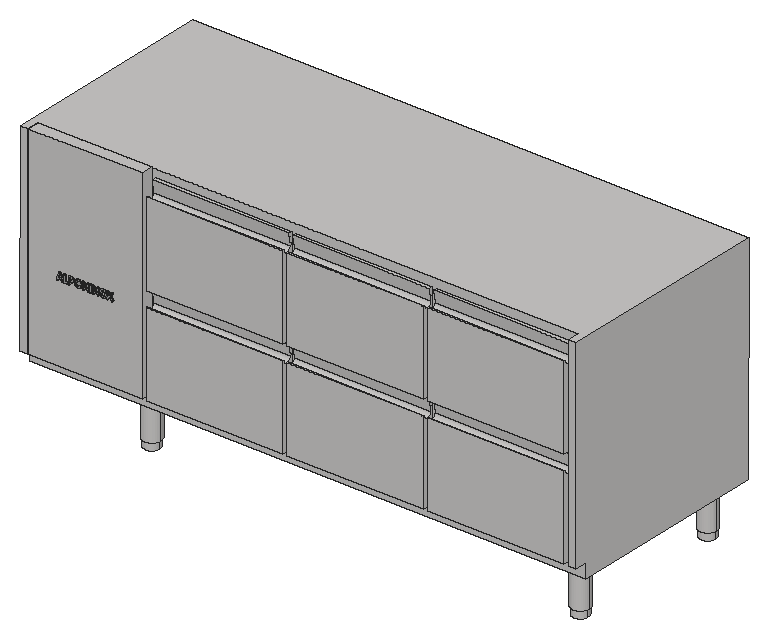
Revit family "QF_ALPENINOX_712051_AH3H7BBB", category Specialty Equipment, Revit 2018 (continued)
Definition of nested family "ALP_Cooling Unit"
  Lines and regions (mm)
    Split face 133
      outline origin (110.032, 2, -125.094) x (0, 0, 1) y (-1, 0, 0)
        loop
          arc (510.649, 158.547) -> (506.648, 162.548) -> (502.647, 158.547) r 4.001
          line (502.647, 158.547) -> (502.647, 116.535)
          arc (502.647, 116.535) -> (506.648, 112.533) -> (510.649, 116.535) r 4.001
          line (510.649, 116.535) -> (510.649, 158.547)
    Split face 134
      outline origin (110.032, 2, -137.098) x (0, 0, 1) y (-1, 0, 0)
        loop
          arc (510.649, 158.547) -> (506.648, 162.548) -> (502.647, 158.547) r 4.001
          line (502.647, 158.547) -> (502.647, 116.535)
          arc (502.647, 116.535) -> (506.648, 112.533) -> (510.649, 116.535) r 4.001
          line (510.649, 116.535) -> (510.649, 158.547)
    Split face 135
      outline origin (110.032, 2, -149.101) x (0, 0, 1) y (-1, 0, 0)
        loop
          arc (510.649, 158.547) -> (506.648, 162.548) -> (502.647, 158.547) r 4.001
          line (502.647, 158.547) -> (502.647, 116.535)
          arc (502.647, 116.535) -> (506.648, 112.533) -> (510.649, 116.535) r 4.001
          line (510.649, 116.535) -> (510.649, 158.547)
    Split face 136
      outline origin (110.032, 2, -161.105) x (0, 0, 1) y (-1, 0, 0)
        loop
          arc (510.649, 158.547) -> (506.648, 162.548) -> (502.647, 158.547) r 4.001
          line (502.647, 158.547) -> (502.647, 116.535)
          arc (502.647, 116.535) -> (506.648, 112.533) -> (510.649, 116.535) r 4.001
          line (510.649, 116.535) -> (510.649, 158.547)
    Split face 137
      outline origin (110.032, 2, -173.108) x (0, 0, 1) y (-1, 0, 0)
        loop
          arc (510.649, 158.547) -> (506.648, 162.548) -> (502.647, 158.547) r 4.001
          line (502.647, 158.547) -> (502.647, 116.535)
          arc (502.647, 116.535) -> (506.648, 112.533) -> (510.649, 116.535) r 4.001
          line (510.649, 116.535) -> (510.649, 158.547)
    Split face 138
      outline origin (110.032, 2, -185.112) x (0, 0, 1) y (-1, 0, 0)
        loop
          arc (510.649, 158.547) -> (506.648, 162.548) -> (502.647, 158.547) r 4.001
          line (502.647, 158.547) -> (502.647, 116.535)
          arc (502.647, 116.535) -> (506.648, 112.533) -> (510.649, 116.535) r 4.001
          line (510.649, 116.535) -> (510.649, 158.547)
    Split face 139
      outline origin (110.032, 2, -197.115) x (0, 0, 1) y (-1, 0, 0)
        loop
          arc (510.649, 158.547) -> (506.648, 162.548) -> (502.647, 158.547) r 4.001
          line (502.647, 158.547) -> (502.647, 116.535)
          arc (502.647, 116.535) -> (506.648, 112.533) -> (510.649, 116.535) r 4.001
          line (510.649, 116.535) -> (510.649, 158.547)
    Split face 140
      outline origin (110.032, 2, -209.119) x (0, 0, 1) y (-1, 0, 0)
        loop
          arc (510.649, 158.547) -> (506.648, 162.548) -> (502.647, 158.547) r 4.001
          line (502.647, 158.547) -> (502.647, 116.535)
          arc (502.647, 116.535) -> (506.648, 112.533) -> (510.649, 116.535) r 4.001
          line (510.649, 116.535) -> (510.649, 158.547)
    Split face 141
      outline origin (110.032, 2, -221.122) x (0, 0, 1) y (-1, 0, 0)
        loop
          arc (510.649, 158.547) -> (506.648, 162.548) -> (502.647, 158.547) r 4.001
          line (502.647, 158.547) -> (502.647, 116.535)
          arc (502.647, 116.535) -> (506.648, 112.533) -> (510.649, 116.535) r 4.001
          line (510.649, 116.535) -> (510.649, 158.547)
    Split face 142
      outline origin (110.032, 2, -233.126) x (0, 0, 1) y (-1, 0, 0)
        loop
          arc (510.649, 158.547) -> (506.648, 162.548) -> (502.647, 158.547) r 4.001
          line (502.647, 158.547) -> (502.647, 116.535)
          arc (502.647, 116.535) -> (506.648, 112.533) -> (510.649, 116.535) r 4.001
          line (510.649, 116.535) -> (510.649, 158.547)
    Split face 143
      outline origin (110.032, 2, -245.129) x (0, 0, 1) y (-1, 0, 0)
        loop
          arc (510.649, 158.547) -> (506.648, 162.548) -> (502.647, 158.547) r 4.001
          line (502.647, 158.547) -> (502.647, 116.535)
          arc (502.647, 116.535) -> (506.648, 112.533) -> (510.649, 116.535) r 4.001
          line (510.649, 116.535) -> (510.649, 158.547)
    Split face 144
      outline origin (110.032, 2, -257.133) x (0, 0, 1) y (-1, 0, 0)
        loop
          arc (510.649, 158.547) -> (506.648, 162.548) -> (502.647, 158.547) r 4.001
          line (502.647, 158.547) -> (502.647, 116.535)
          arc (502.647, 116.535) -> (506.648, 112.533) -> (510.649, 116.535) r 4.001
          line (510.649, 116.535) -> (510.649, 158.547)
    Split face 145
      outline origin (110.032, 2, -269.136) x (0, 0, 1) y (-1, 0, 0)
        loop
          arc (510.649, 158.547) -> (506.648, 162.548) -> (502.647, 158.547) r 4.001
          line (502.647, 158.547) -> (502.647, 116.535)
          arc (502.647, 116.535) -> (506.648, 112.533) -> (510.649, 116.535) r 4.001
          line (510.649, 116.535) -> (510.649, 158.547)
    Split face 146
      outline origin (110.032, 2, -281.14) x (0, 0, 1) y (-1, 0, 0)
        loop
          arc (510.649, 158.547) -> (506.648, 162.548) -> (502.647, 158.547) r 4.001
          line (502.647, 158.547) -> (502.647, 116.535)
          arc (502.647, 116.535) -> (506.648, 112.533) -> (510.649, 116.535) r 4.001
          line (510.649, 116.535) -> (510.649, 158.547)
    Split face 147
      outline origin (110.032, 2, -293.144) x (0, 0, 1) y (-1, 0, 0)
        loop
          arc (510.649, 158.547) -> (506.648, 162.548) -> (502.647, 158.547) r 4.001
          line (502.647, 158.547) -> (502.647, 116.535)
          arc (502.647, 116.535) -> (506.648, 112.533) -> (510.649, 116.535) r 4.001
          line (510.649, 116.535) -> (510.649, 158.547)
    Split face 148
      outline origin (165.048, 2, -113.091) x (0, 0, 1) y (-1, 0, 0)
        loop
          arc (510.649, 158.547) -> (506.648, 162.548) -> (502.647, 158.547) r 4.001
          line (502.647, 158.547) -> (502.647, 116.535)
          arc (502.647, 116.535) -> (506.648, 112.533) -> (510.649, 116.535) r 4.001
          line (510.649, 116.535) -> (510.649, 158.547)
    Split face 149
      outline origin (165.048, 2, -125.094) x (0, 0, 1) y (-1, 0, 0)
        loop
          arc (510.649, 158.547) -> (506.648, 162.548) -> (502.647, 158.547) r 4.001
          line (502.647, 158.547) -> (502.647, 116.535)
          arc (502.647, 116.535) -> (506.648, 112.533) -> (510.649, 116.535) r 4.001
          line (510.649, 116.535) -> (510.649, 158.547)
    Split face 150
      outline origin (165.048, 2, -137.098) x (0, 0, 1) y (-1, 0, 0)
        loop
          arc (510.649, 158.547) -> (506.648, 162.548) -> (502.647, 158.547) r 4.001
          line (502.647, 158.547) -> (502.647, 116.535)
          arc (502.647, 116.535) -> (506.648, 112.533) -> (510.649, 116.535) r 4.001
          line (510.649, 116.535) -> (510.649, 158.547)
    Split face 151
      outline origin (165.048, 2, -149.101) x (0, 0, 1) y (-1, 0, 0)
        loop
          arc (510.649, 158.547) -> (506.648, 162.548) -> (502.647, 158.547) r 4.001
          line (502.647, 158.547) -> (502.647, 116.535)
          arc (502.647, 116.535) -> (506.648, 112.533) -> (510.649, 116.535) r 4.001
          line (510.649, 116.535) -> (510.649, 158.547)
    Split face 152
      outline origin (165.048, 2, -161.105) x (0, 0, 1) y (-1, 0, 0)
        loop
          arc (510.649, 158.547) -> (506.648, 162.548) -> (502.647, 158.547) r 4.001
          line (502.647, 158.547) -> (502.647, 116.535)
          arc (502.647, 116.535) -> (506.648, 112.533) -> (510.649, 116.535) r 4.001
          line (510.649, 116.535) -> (510.649, 158.547)
    Split face 153
      outline origin (165.048, 2, -173.108) x (0, 0, 1) y (-1, 0, 0)
        loop
          arc (510.649, 158.547) -> (506.648, 162.548) -> (502.647, 158.547) r 4.001
          line (502.647, 158.547) -> (502.647, 116.535)
          arc (502.647, 116.535) -> (506.648, 112.533) -> (510.649, 116.535) r 4.001
          line (510.649, 116.535) -> (510.649, 158.547)
    Split face 154
      outline origin (165.048, 2, -185.112) x (0, 0, 1) y (-1, 0, 0)
        loop
          arc (510.649, 158.547) -> (506.648, 162.548) -> (502.647, 158.547) r 4.001
          line (502.647, 158.547) -> (502.647, 116.535)
          arc (502.647, 116.535) -> (506.648, 112.533) -> (510.649, 116.535) r 4.001
          line (510.649, 116.535) -> (510.649, 158.547)
    Split face 155
      outline origin (165.048, 2, -197.115) x (0, 0, 1) y (-1, 0, 0)
        loop
          arc (510.649, 158.547) -> (506.648, 162.548) -> (502.647, 158.547) r 4.001
          line (502.647, 158.547) -> (502.647, 116.535)
          arc (502.647, 116.535) -> (506.648, 112.533) -> (510.649, 116.535) r 4.001
          line (510.649, 116.535) -> (510.649, 158.547)
    Split face 156
      outline origin (165.048, 2, -209.119) x (0, 0, 1) y (-1, 0, 0)
        loop
          arc (510.649, 158.547) -> (506.648, 162.548) -> (502.647, 158.547) r 4.001
          line (502.647, 158.547) -> (502.647, 116.535)
          arc (502.647, 116.535) -> (506.648, 112.533) -> (510.649, 116.535) r 4.001
          line (510.649, 116.535) -> (510.649, 158.547)
    Split face 157
      outline origin (165.048, 2, -221.122) x (0, 0, 1) y (-1, 0, 0)
        loop
          arc (510.649, 158.547) -> (506.648, 162.548) -> (502.647, 158.547) r 4.001
          line (502.647, 158.547) -> (502.647, 116.535)
          arc (502.647, 116.535) -> (506.648, 112.533) -> (510.649, 116.535) r 4.001
          line (510.649, 116.535) -> (510.649, 158.547)
    Split face 158
      outline origin (165.048, 2, -233.126) x (0, 0, 1) y (-1, 0, 0)
        loop
          arc (510.649, 158.547) -> (506.648, 162.548) -> (502.647, 158.547) r 4.001
          line (502.647, 158.547) -> (502.647, 116.535)
          arc (502.647, 116.535) -> (506.648, 112.533) -> (510.649, 116.535) r 4.001
          line (510.649, 116.535) -> (510.649, 158.547)
    Split face 159
      outline origin (165.048, 2, -245.129) x (0, 0, 1) y (-1, 0, 0)
        loop
          arc (510.649, 158.547) -> (506.648, 162.548) -> (502.647, 158.547) r 4.001
          line (502.647, 158.547) -> (502.647, 116.535)
          arc (502.647, 116.535) -> (506.648, 112.533) -> (510.649, 116.535) r 4.001
          line (510.649, 116.535) -> (510.649, 158.547)
    Split face 160
      outline origin (165.048, 2, -257.133) x (0, 0, 1) y (-1, 0, 0)
        loop
          arc (510.649, 158.547) -> (506.648, 162.548) -> (502.647, 158.547) r 4.001
          line (502.647, 158.547) -> (502.647, 116.535)
          arc (502.647, 116.535) -> (506.648, 112.533) -> (510.649, 116.535) r 4.001
          line (510.649, 116.535) -> (510.649, 158.547)
    Split face 161
      outline origin (165.048, 2, -269.136) x (0, 0, 1) y (-1, 0, 0)
        loop
          arc (510.649, 158.547) -> (506.648, 162.548) -> (502.647, 158.547) r 4.001
          line (502.647, 158.547) -> (502.647, 116.535)
          arc (502.647, 116.535) -> (506.648, 112.533) -> (510.649, 116.535) r 4.001
          line (510.649, 116.535) -> (510.649, 158.547)
    Split face 162
      outline origin (165.048, 2, -281.14) x (0, 0, 1) y (-1, 0, 0)
        loop
          arc (510.649, 158.547) -> (506.648, 162.548) -> (502.647, 158.547) r 4.001
          line (502.647, 158.547) -> (502.647, 116.535)
          arc (502.647, 116.535) -> (506.648, 112.533) -> (510.649, 116.535) r 4.001
          line (510.649, 116.535) -> (510.649, 158.547)
    Split face 163
      outline origin (165.048, 2, -293.144) x (0, 0, 1) y (-1, 0, 0)
        loop
          arc (510.649, 158.547) -> (506.648, 162.548) -> (502.647, 158.547) r 4.001
          line (502.647, 158.547) -> (502.647, 116.535)
          arc (502.647, 116.535) -> (506.648, 112.533) -> (510.649, 116.535) r 4.001
          line (510.649, 116.535) -> (510.649, 158.547)
    Split face 164
      outline origin (220.064, 2, -113.091) x (0, 0, 1) y (-1, 0, 0)
        loop
          arc (510.649, 158.547) -> (506.648, 162.548) -> (502.647, 158.547) r 4.001
          line (502.647, 158.547) -> (502.647, 116.535)
          arc (502.647, 116.535) -> (506.648, 112.533) -> (510.649, 116.535) r 4.001
          line (510.649, 116.535) -> (510.649, 158.547)
    Split face 165
      outline origin (220.064, 2, -125.094) x (0, 0, 1) y (-1, 0, 0)
        loop
          arc (510.649, 158.547) -> (506.648, 162.548) -> (502.647, 158.547) r 4.001
          line (502.647, 158.547) -> (502.647, 116.535)
          arc (502.647, 116.535) -> (506.648, 112.533) -> (510.649, 116.535) r 4.001
          line (510.649, 116.535) -> (510.649, 158.547)
    Split face 166
      outline origin (220.064, 2, -137.098) x (0, 0, 1) y (-1, 0, 0)
        loop
          arc (510.649, 158.547) -> (506.648, 162.548) -> (502.647, 158.547) r 4.001
          line (502.647, 158.547) -> (502.647, 116.535)
          arc (502.647, 116.535) -> (506.648, 112.533) -> (510.649, 116.535) r 4.001
          line (510.649, 116.535) -> (510.649, 158.547)
    Split face 167
      outline origin (220.064, 2, -149.101) x (0, 0, 1) y (-1, 0, 0)
        loop
          arc (510.649, 158.547) -> (506.648, 162.548) -> (502.647, 158.547) r 4.001
          line (502.647, 158.547) -> (502.647, 116.535)
          arc (502.647, 116.535) -> (506.648, 112.533) -> (510.649, 116.535) r 4.001
          line (510.649, 116.535) -> (510.649, 158.547)
    Split face 168
      outline origin (220.064, 2, -161.105) x (0, 0, 1) y (-1, 0, 0)
        loop
          arc (510.649, 158.547) -> (506.648, 162.548) -> (502.647, 158.547) r 4.001
          line (502.647, 158.547) -> (502.647, 116.535)
          arc (502.647, 116.535) -> (506.648, 112.533) -> (510.649, 116.535) r 4.001
          line (510.649, 116.535) -> (510.649, 158.547)
    Split face 169
      outline origin (220.064, 2, -173.108) x (0, 0, 1) y (-1, 0, 0)
        loop
          arc (510.649, 158.547) -> (506.648, 162.548) -> (502.647, 158.547) r 4.001
          line (502.647, 158.547) -> (502.647, 116.535)
          arc (502.647, 116.535) -> (506.648, 112.533) -> (510.649, 116.535) r 4.001
          line (510.649, 116.535) -> (510.649, 158.547)
    Split face 170
      outline origin (220.064, 2, -185.112) x (0, 0, 1) y (-1, 0, 0)
        loop
          arc (510.649, 158.547) -> (506.648, 162.548) -> (502.647, 158.547) r 4.001
          line (502.647, 158.547) -> (502.647, 116.535)
          arc (502.647, 116.535) -> (506.648, 112.533) -> (510.649, 116.535) r 4.001
          line (510.649, 116.535) -> (510.649, 158.547)
    Split face 171
      outline origin (220.064, 2, -197.115) x (0, 0, 1) y (-1, 0, 0)
        loop
          arc (510.649, 158.547) -> (506.648, 162.548) -> (502.647, 158.547) r 4.001
          line (502.647, 158.547) -> (502.647, 116.535)
          arc (502.647, 116.535) -> (506.648, 112.533) -> (510.649, 116.535) r 4.001
          line (510.649, 116.535) -> (510.649, 158.547)
    Split face 172
      outline origin (220.064, 2, -209.119) x (0, 0, 1) y (-1, 0, 0)
        loop
          arc (510.649, 158.547) -> (506.648, 162.548) -> (502.647, 158.547) r 4.001
          line (502.647, 158.547) -> (502.647, 116.535)
          arc (502.647, 116.535) -> (506.648, 112.533) -> (510.649, 116.535) r 4.001
          line (510.649, 116.535) -> (510.649, 158.547)
    Split face 173
      outline origin (220.064, 2, -221.122) x (0, 0, 1) y (-1, 0, 0)
        loop
          arc (510.649, 158.547) -> (506.648, 162.548) -> (502.647, 158.547) r 4.001
          line (502.647, 158.547) -> (502.647, 116.535)
          arc (502.647, 116.535) -> (506.648, 112.533) -> (510.649, 116.535) r 4.001
          line (510.649, 116.535) -> (510.649, 158.547)
    Split face 174
      outline origin (220.064, 2, -233.126) x (0, 0, 1) y (-1, 0, 0)
        loop
          arc (510.649, 158.547) -> (506.648, 162.548) -> (502.647, 158.547) r 4.001
          line (502.647, 158.547) -> (502.647, 116.535)
          arc (502.647, 116.535) -> (506.648, 112.533) -> (510.649, 116.535) r 4.001
          line (510.649, 116.535) -> (510.649, 158.547)
    Split face 175
      outline origin (220.064, 2, -245.129) x (0, 0, 1) y (-1, 0, 0)
        loop
          arc (510.649, 158.547) -> (506.648, 162.548) -> (502.647, 158.547) r 4.001
          line (502.647, 158.547) -> (502.647, 116.535)
          arc (502.647, 116.535) -> (506.648, 112.533) -> (510.649, 116.535) r 4.001
          line (510.649, 116.535) -> (510.649, 158.547)
    Split face 176
      outline origin (220.064, 2, -257.133) x (0, 0, 1) y (-1, 0, 0)
        loop
          arc (510.649, 158.547) -> (506.648, 162.548) -> (502.647, 158.547) r 4.001
          line (502.647, 158.547) -> (502.647, 116.535)
          arc (502.647, 116.535) -> (506.648, 112.533) -> (510.649, 116.535) r 4.001
          line (510.649, 116.535) -> (510.649, 158.547)
    Split face 177
      outline origin (220.064, 2, -269.136) x (0, 0, 1) y (-1, 0, 0)
        loop
          arc (510.649, 158.547) -> (506.648, 162.548) -> (502.647, 158.547) r 4.001
          line (502.647, 158.547) -> (502.647, 116.535)
          arc (502.647, 116.535) -> (506.648, 112.533) -> (510.649, 116.535) r 4.001
          line (510.649, 116.535) -> (510.649, 158.547)
    Split face 178
      outline origin (220.064, 2, -281.14) x (0, 0, 1) y (-1, 0, 0)
        loop
          arc (510.649, 158.547) -> (506.648, 162.548) -> (502.647, 158.547) r 4.001
          line (502.647, 158.547) -> (502.647, 116.535)
          arc (502.647, 116.535) -> (506.648, 112.533) -> (510.649, 116.535) r 4.001
          line (510.649, 116.535) -> (510.649, 158.547)
    Split face 179
      outline origin (220.064, 2, -293.144) x (0, 0, 1) y (-1, 0, 0)
        loop
          arc (510.649, 158.547) -> (506.648, 162.548) -> (502.647, 158.547) r 4.001
          line (502.647, 158.547) -> (502.647, 116.535)
          arc (502.647, 116.535) -> (506.648, 112.533) -> (510.649, 116.535) r 4.001
          line (510.649, 116.535) -> (510.649, 158.547)
    Split face 180
      outline origin (275.081, 2, -113.091) x (0, 0, 1) y (-1, 0, 0)
        loop
          arc (510.649, 158.547) -> (506.648, 162.548) -> (502.647, 158.547) r 4.001
          line (502.647, 158.547) -> (502.647, 116.535)
          arc (502.647, 116.535) -> (506.648, 112.533) -> (510.649, 116.535) r 4.001
          line (510.649, 116.535) -> (510.649, 158.547)
    Split face 181
      outline origin (275.081, 2, -125.094) x (0, 0, 1) y (-1, 0, 0)
        loop
          arc (510.649, 158.547) -> (506.648, 162.548) -> (502.647, 158.547) r 4.001
          line (502.647, 158.547) -> (502.647, 116.535)
          arc (502.647, 116.535) -> (506.648, 112.533) -> (510.649, 116.535) r 4.001
          line (510.649, 116.535) -> (510.649, 158.547)
    Split face 182
      outline origin (275.081, 2, -137.098) x (0, 0, 1) y (-1, 0, 0)
        loop
          arc (510.649, 158.547) -> (506.648, 162.548) -> (502.647, 158.547) r 4.001
          line (502.647, 158.547) -> (502.647, 116.535)
          arc (502.647, 116.535) -> (506.648, 112.533) -> (510.649, 116.535) r 4.001
          line (510.649, 116.535) -> (510.649, 158.547)
    Split face 183
      outline origin (275.081, 2, -149.101) x (0, 0, 1) y (-1, 0, 0)
        loop
          arc (510.649, 158.547) -> (506.648, 162.548) -> (502.647, 158.547) r 4.001
          line (502.647, 158.547) -> (502.647, 116.535)
          arc (502.647, 116.535) -> (506.648, 112.533) -> (510.649, 116.535) r 4.001
          line (510.649, 116.535) -> (510.649, 158.547)
    Split face 184
      outline origin (275.081, 2, -161.105) x (0, 0, 1) y (-1, 0, 0)
        loop
          arc (510.649, 158.547) -> (506.648, 162.548) -> (502.647, 158.547) r 4.001
          line (502.647, 158.547) -> (502.647, 116.535)
          arc (502.647, 116.535) -> (506.648, 112.533) -> (510.649, 116.535) r 4.001
          line (510.649, 116.535) -> (510.649, 158.547)
    Split face 185
      outline origin (275.081, 2, -173.108) x (0, 0, 1) y (-1, 0, 0)
        loop
          arc (510.649, 158.547) -> (506.648, 162.548) -> (502.647, 158.547) r 4.001
          line (502.647, 158.547) -> (502.647, 116.535)
          arc (502.647, 116.535) -> (506.648, 112.533) -> (510.649, 116.535) r 4.001
          line (510.649, 116.535) -> (510.649, 158.547)
    Split face 186
      outline origin (275.081, 2, -185.112) x (0, 0, 1) y (-1, 0, 0)
        loop
          arc (510.649, 158.547) -> (506.648, 162.548) -> (502.647, 158.547) r 4.001
          line (502.647, 158.547) -> (502.647, 116.535)
          arc (502.647, 116.535) -> (506.648, 112.533) -> (510.649, 116.535) r 4.001
          line (510.649, 116.535) -> (510.649, 158.547)
    Split face 187
      outline origin (275.081, 2, -197.115) x (0, 0, 1) y (-1, 0, 0)
        loop
          arc (510.649, 158.547) -> (506.648, 162.548) -> (502.647, 158.547) r 4.001
          line (502.647, 158.547) -> (502.647, 116.535)
          arc (502.647, 116.535) -> (506.648, 112.533) -> (510.649, 116.535) r 4.001
          line (510.649, 116.535) -> (510.649, 158.547)
    Split face 188
      outline origin (275.081, 2, -209.119) x (0, 0, 1) y (-1, 0, 0)
        loop
          arc (510.649, 158.547) -> (506.648, 162.548) -> (502.647, 158.547) r 4.001
          line (502.647, 158.547) -> (502.647, 116.535)
          arc (502.647, 116.535) -> (506.648, 112.533) -> (510.649, 116.535) r 4.001
          line (510.649, 116.535) -> (510.649, 158.547)
    Split face 189
      outline origin (275.081, 2, -221.122) x (0, 0, 1) y (-1, 0, 0)
        loop
          arc (510.649, 158.547) -> (506.648, 162.548) -> (502.647, 158.547) r 4.001
          line (502.647, 158.547) -> (502.647, 116.535)
          arc (502.647, 116.535) -> (506.648, 112.533) -> (510.649, 116.535) r 4.001
          line (510.649, 116.535) -> (510.649, 158.547)
    Split face 190
      outline origin (275.081, 2, -233.126) x (0, 0, 1) y (-1, 0, 0)
        loop
          arc (510.649, 158.547) -> (506.648, 162.548) -> (502.647, 158.547) r 4.001
          line (502.647, 158.547) -> (502.647, 116.535)
          arc (502.647, 116.535) -> (506.648, 112.533) -> (510.649, 116.535) r 4.001
          line (510.649, 116.535) -> (510.649, 158.547)
    Split face 191
      outline origin (275.081, 2, -245.129) x (0, 0, 1) y (-1, 0, 0)
        loop
          arc (510.649, 158.547) -> (506.648, 162.548) -> (502.647, 158.547) r 4.001
          line (502.647, 158.547) -> (502.647, 116.535)
          arc (502.647, 116.535) -> (506.648, 112.533) -> (510.649, 116.535) r 4.001
          line (510.649, 116.535) -> (510.649, 158.547)
    Split face 192
      outline origin (275.081, 2, -257.133) x (0, 0, 1) y (-1, 0, 0)
        loop
          arc (510.649, 158.547) -> (506.648, 162.548) -> (502.647, 158.547) r 4.001
          line (502.647, 158.547) -> (502.647, 116.535)
          arc (502.647, 116.535) -> (506.648, 112.533) -> (510.649, 116.535) r 4.001
          line (510.649, 116.535) -> (510.649, 158.547)
    Split face 193
      outline origin (275.081, 2, -269.136) x (0, 0, 1) y (-1, 0, 0)
        loop
          arc (510.649, 158.547) -> (506.648, 162.548) -> (502.647, 158.547) r 4.001
          line (502.647, 158.547) -> (502.647, 116.535)
          arc (502.647, 116.535) -> (506.648, 112.533) -> (510.649, 116.535) r 4.001
          line (510.649, 116.535) -> (510.649, 158.547)
    Split face 194
      outline origin (275.081, 2, -281.14) x (0, 0, 1) y (-1, 0, 0)
        loop
          arc (510.649, 158.547) -> (506.648, 162.548) -> (502.647, 158.547) r 4.001
          line (502.647, 158.547) -> (502.647, 116.535)
          arc (502.647, 116.535) -> (506.648, 112.533) -> (510.649, 116.535) r 4.001
          line (510.649, 116.535) -> (510.649, 158.547)
    Split face 195
      outline origin (275.081, 2, -293.144) x (0, 0, 1) y (-1, 0, 0)
        loop
          arc (510.649, 158.547) -> (506.648, 162.548) -> (502.647, 158.547) r 4.001
          line (502.647, 158.547) -> (502.647, 116.535)
          arc (502.647, 116.535) -> (506.648, 112.533) -> (510.649, 116.535) r 4.001
          line (510.649, 116.535) -> (510.649, 158.547)
  Dimensions and locks
    aligned and locked: level to plane 2
  Nested families
    nested 1: "ALP_Logo_S" at (0, 2, 458.586) x (1, 0, 0) z (0, -1, 0), visible <- "Show Logo", type "ALP_Logo_S"
  Definition of nested family "ALP_Logo_S"
    Parameters
      Default Elevation = 0 mm
    Reference planes
      plane 1 "Centro (Fronte/Retro)": y = 0
      plane 2: z = 0
      plane 3 "Centro (Sinistra/Destra)": x = 0
    Forms (mm)
      Extrusion 1, solid
        sketch origin (0, 0, 0) x (1, 0, 0) y (0, 1, 0)
          loop
            line (-1219.2, 1219.2) -> (-1219.2, -1219.2) -> (1219.2, -1219.2) -> (1219.2, 1219.2) -> (-1219.2, 1219.2)
        from 0 to -304.8
      Extrusion 2, solid
        sketch origin (17.793, -46.218, 0) x (-1, 0, 0) y (0, -1, 0)
          loop
            line (109.007, -37.469) -> (109.244, -36.361)
            spline (109.244, -36.361) -> (109.221, -36.03) -> (109.153, -35.716) -> (109.043, -35.42) -> (108.895, -35.146) -> (108.713, -34.896) -> (108.498, -34.671) -> (108.255, -34.475) -> (107.987, -34.309) -> (107.697, -34.176) -> (107.388, -34.078) -> (107.064, -34.017) -> (106.728, -33.997)
            spline (106.728, -33.997) -> (106.393, -34.012) -> (106.085, -34.057) -> (105.803, -34.129) -> (105.547, -34.228) -> (105.315, -34.352) -> (105.105, -34.499) -> (104.918, -34.668) -> (104.752, -34.858) -> (104.605, -35.066) -> (104.478, -35.291) -> (104.368, -35.532) -> (104.275, -35.787)
            line (104.275, -35.787) -> (103.256, -38.92) -> (93.799, -38.92) -> (92.773, -35.75)
            spline (92.773, -35.75) -> (92.68, -35.504) -> (92.57, -35.27) -> (92.443, -35.05) -> (92.296, -34.847) -> (92.129, -34.661) -> (91.941, -34.495) -> (91.729, -34.35) -> (91.494, -34.227) -> (91.234, -34.129) -> (90.948, -34.056) -> (90.634, -34.012) -> (90.292, -33.997)
            spline (90.292, -33.997) -> (89.98, -34.015) -> (89.679, -34.07) -> (89.392, -34.16) -> (89.122, -34.282) -> (88.871, -34.436) -> (88.644, -34.618) -> (88.442, -34.828) -> (88.271, -35.063) -> (88.132, -35.322) -> (88.028, -35.604) -> (87.964, -35.905) -> (87.942, -36.225)
            line (87.942, -36.225) -> (88.215, -37.469) -> (94.885, -55.826)
            spline (94.885, -55.826) -> (95.044, -56.22) -> (95.23, -56.593) -> (95.444, -56.943) -> (95.685, -57.268) -> (95.953, -57.564) -> (96.246, -57.829) -> (96.565, -58.06) -> (96.909, -58.255) -> (97.278, -58.412) -> (97.672, -58.527) -> (98.088, -58.597) -> (98.529, -58.622)
            spline (98.529, -58.622) -> (98.953, -58.596) -> (99.359, -58.522) -> (99.746, -58.402) -> (100.112, -58.241) -> (100.457, -58.04) -> (100.78, -57.804) -> (101.078, -57.536) -> (101.351, -57.238) -> (101.599, -56.916) -> (101.818, -56.57) -> (102.009, -56.206) -> (102.171, -55.826)
            line (102.171, -55.826) -> (109.007, -37.469)
          loop
            line (101.794, -43.576) -> (95.326, -43.576) -> (98.522, -53.458) -> (101.794, -43.576)
          loop
            spline (85.755, -36.964) -> (85.735, -36.556) -> (85.675, -36.175) -> (85.576, -35.822) -> (85.439, -35.499) -> (85.266, -35.208) -> (85.056, -34.95) -> (84.812, -34.727) -> (84.534, -34.541) -> (84.223, -34.394) -> (83.881, -34.286) -> (83.507, -34.22) -> (83.104, -34.198)
            line (83.104, -34.198) -> (74.598, -34.198)
            spline (74.598, -34.198) -> (74.236, -34.221) -> (73.9, -34.286) -> (73.592, -34.39) -> (73.311, -34.528) -> (73.058, -34.698) -> (72.835, -34.895) -> (72.641, -35.114) -> (72.478, -35.354) -> (72.347, -35.608) -> (72.247, -35.874) -> (72.181, -36.148) -> (72.148, -36.426)
            spline (72.148, -36.426) -> (72.156, -36.715) -> (72.197, -37.004) -> (72.272, -37.289) -> (72.382, -37.565) -> (72.528, -37.827) -> (72.709, -38.07) -> (72.927, -38.288) -> (73.183, -38.478) -> (73.478, -38.635) -> (73.811, -38.752) -> (74.184, -38.827) -> (74.598, -38.852)
            line (74.598, -38.852) -> (80.653, -38.852) -> (80.653, -55.789)
            spline (80.653, -55.789) -> (80.675, -56.195) -> (80.741, -56.569) -> (80.846, -56.912) -> (80.99, -57.221) -> (81.169, -57.497) -> (81.381, -57.738) -> (81.624, -57.944) -> (81.894, -58.114) -> (82.191, -58.247) -> (82.51, -58.343) -> (82.85, -58.402) -> (83.208, -58.421)
            spline (83.208, -58.421) -> (83.565, -58.402) -> (83.904, -58.343) -> (84.222, -58.247) -> (84.517, -58.114) -> (84.787, -57.944) -> (85.029, -57.738) -> (85.241, -57.497) -> (85.419, -57.221) -> (85.563, -56.912) -> (85.668, -56.569) -> (85.733, -56.195) -> (85.755, -55.789)
            line (85.755, -55.789) -> (85.755, -36.964)
          loop
            spline (69.963, -36.629) -> (69.941, -36.222) -> (69.876, -35.847) -> (69.77, -35.505) -> (69.627, -35.196) -> (69.448, -34.921) -> (69.236, -34.68) -> (68.993, -34.474) -> (68.723, -34.305) -> (68.427, -34.171) -> (68.108, -34.075) -> (67.769, -34.017) -> (67.412, -33.998)
            spline (67.412, -33.998) -> (67.055, -34.017) -> (66.716, -34.075) -> (66.397, -34.171) -> (66.101, -34.305) -> (65.832, -34.474) -> (65.59, -34.68) -> (65.378, -34.921) -> (65.2, -35.196) -> (65.057, -35.505) -> (64.951, -35.847) -> (64.886, -36.222) -> (64.864, -36.629)
            line (64.864, -36.629) -> (64.864, -42.161) -> (61.085, -42.161)
            spline (61.085, -42.161) -> (59.938, -42.224) -> (58.836, -42.411) -> (57.789, -42.717) -> (56.807, -43.139) -> (55.902, -43.671) -> (55.083, -44.311) -> (54.361, -45.053) -> (53.747, -45.894) -> (53.251, -46.829) -> (52.884, -47.854) -> (52.656, -48.965) -> (52.577, -50.158)
            spline (52.577, -50.158) -> (52.653, -51.33) -> (52.875, -52.429) -> (53.235, -53.452) -> (53.724, -54.391) -> (54.334, -55.241) -> (55.057, -55.997) -> (55.884, -56.652) -> (56.807, -57.201) -> (57.817, -57.638) -> (58.906, -57.957) -> (60.067, -58.153) -> (61.289, -58.22)
            line (61.289, -58.22) -> (67.306, -58.22)
            spline (67.306, -58.22) -> (67.716, -58.198) -> (68.095, -58.135) -> (68.44, -58.031) -> (68.752, -57.889) -> (69.031, -57.711) -> (69.274, -57.498) -> (69.482, -57.251) -> (69.653, -56.974) -> (69.788, -56.667) -> (69.885, -56.332) -> (69.944, -55.972) -> (69.963, -55.587)
            line (69.963, -55.587) -> (69.963, -36.629)
          loop
            line (64.864, -53.764) -> (64.864, -46.61) -> (61.384, -46.61)
            spline (61.384, -46.61) -> (60.866, -46.642) -> (60.382, -46.735) -> (59.935, -46.885) -> (59.526, -47.089) -> (59.158, -47.342) -> (58.832, -47.641) -> (58.551, -47.983) -> (58.317, -48.362) -> (58.131, -48.777) -> (57.995, -49.222) -> (57.913, -49.694) -> (57.885, -50.189)
            spline (57.885, -50.189) -> (57.913, -50.684) -> (57.995, -51.156) -> (58.131, -51.601) -> (58.317, -52.015) -> (58.551, -52.394) -> (58.832, -52.735) -> (59.158, -53.034) -> (59.526, -53.287) -> (59.935, -53.49) -> (60.382, -53.64) -> (60.866, -53.733) -> (61.384, -53.764)
            line (61.384, -53.764) -> (64.864, -53.764)
          loop
            spline (32.388, -43.737) -> (31.645, -43.763) -> (30.977, -43.84) -> (30.381, -43.966) -> (29.857, -44.139) -> (29.401, -44.355) -> (29.012, -44.613) -> (28.688, -44.91) -> (28.428, -45.245) -> (28.228, -45.614) -> (28.088, -46.015) -> (28.006, -46.447) -> (27.979, -46.906)
            spline (27.979, -46.906) -> (28.073, -48.241) -> (28.349, -49.591) -> (28.801, -50.931) -> (29.42, -52.236) -> (30.198, -53.481) -> (31.128, -54.642) -> (32.202, -55.693) -> (33.412, -56.608) -> (34.751, -57.364) -> (36.211, -57.935) -> (37.784, -58.296) -> (39.462, -58.422)
            spline (39.462, -58.422) -> (41.103, -58.303) -> (42.649, -57.959) -> (44.091, -57.408) -> (45.422, -56.668) -> (46.63, -55.759) -> (47.707, -54.697) -> (48.644, -53.501) -> (49.431, -52.19) -> (50.059, -50.782) -> (50.52, -49.295) -> (50.803, -47.748) -> (50.899, -46.159)
            spline (50.899, -46.159) -> (50.801, -44.451) -> (50.511, -42.83) -> (50.039, -41.308) -> (49.392, -39.896) -> (48.579, -38.607) -> (47.608, -37.451) -> (46.488, -36.441) -> (45.226, -35.588) -> (43.831, -34.905) -> (42.311, -34.402) -> (40.675, -34.091) -> (38.93, -33.985)
            spline (38.93, -33.985) -> (37.728, -34.039) -> (36.511, -34.193) -> (35.301, -34.44) -> (34.12, -34.77) -> (32.993, -35.175) -> (31.942, -35.645) -> (30.99, -36.172) -> (30.16, -36.746) -> (29.474, -37.36) -> (28.956, -38.004) -> (28.628, -38.669) -> (28.514, -39.347)
            spline (28.514, -39.347) -> (28.53, -39.685) -> (28.577, -40.017) -> (28.656, -40.338) -> (28.765, -40.643) -> (28.905, -40.928) -> (29.073, -41.19) -> (29.27, -41.423) -> (29.495, -41.623) -> (29.748, -41.787) -> (30.028, -41.91) -> (30.333, -41.987) -> (30.665, -42.014)
            spline (30.665, -42.014) -> (31.199, -41.95) -> (31.712, -41.768) -> (32.22, -41.491) -> (32.738, -41.145) -> (33.281, -40.752) -> (33.868, -40.337) -> (34.512, -39.924) -> (35.23, -39.537) -> (36.038, -39.199) -> (36.952, -38.934) -> (37.987, -38.768) -> (39.161, -38.722)
            spline (39.161, -38.722) -> (39.894, -38.774) -> (40.606, -38.897) -> (41.291, -39.091) -> (41.943, -39.354) -> (42.554, -39.684) -> (43.119, -40.08) -> (43.632, -40.54) -> (44.086, -41.061) -> (44.475, -41.643) -> (44.792, -42.285) -> (45.032, -42.983) -> (45.188, -43.737)
            line (45.188, -43.737) -> (32.388, -43.737)
          loop
            line (45.321, -48.475) -> (33.559, -48.475)
            spline (33.559, -48.475) -> (33.693, -49.163) -> (33.914, -49.841) -> (34.214, -50.497) -> (34.588, -51.123) -> (35.029, -51.71) -> (35.531, -52.248) -> (36.087, -52.729) -> (36.691, -53.143) -> (37.337, -53.481) -> (38.018, -53.734) -> (38.729, -53.893) -> (39.462, -53.948)
            spline (39.462, -53.948) -> (40.168, -53.891) -> (40.86, -53.728) -> (41.531, -53.468) -> (42.173, -53.123) -> (42.779, -52.701) -> (43.339, -52.214) -> (43.847, -51.671) -> (44.295, -51.082) -> (44.674, -50.458) -> (44.976, -49.809) -> (45.195, -49.144) -> (45.321, -48.475)
          loop
            spline (25.297, -36.629) -> (25.275, -36.222) -> (25.209, -35.847) -> (25.103, -35.505) -> (24.958, -35.196) -> (24.779, -34.92) -> (24.566, -34.679) -> (24.323, -34.474) -> (24.052, -34.304) -> (23.755, -34.17) -> (23.436, -34.074) -> (23.096, -34.016) -> (22.739, -33.997)
            spline (22.739, -33.997) -> (22.382, -34.016) -> (22.043, -34.074) -> (21.724, -34.17) -> (21.429, -34.304) -> (21.158, -34.474) -> (20.916, -34.679) -> (20.704, -34.92) -> (20.525, -35.196) -> (20.382, -35.505) -> (20.276, -35.847) -> (20.211, -36.222) -> (20.189, -36.629)
            line (20.189, -36.629) -> (20.189, -49.304) -> (9.333, -35.11) -> (7.187, -33.997)
            spline (7.187, -33.997) -> (6.83, -34.016) -> (6.49, -34.074) -> (6.172, -34.17) -> (5.876, -34.304) -> (5.606, -34.474) -> (5.363, -34.679) -> (5.151, -34.92) -> (4.972, -35.196) -> (4.829, -35.505) -> (4.723, -35.847) -> (4.658, -36.222) -> (4.636, -36.629)
            line (4.636, -36.629) -> (4.636, -55.789)
            spline (4.636, -55.789) -> (4.658, -56.195) -> (4.723, -56.569) -> (4.829, -56.912) -> (4.972, -57.221) -> (5.151, -57.497) -> (5.363, -57.738) -> (5.606, -57.944) -> (5.876, -58.114) -> (6.172, -58.247) -> (6.49, -58.343) -> (6.83, -58.402) -> (7.187, -58.421)
            spline (7.187, -58.421) -> (7.545, -58.402) -> (7.885, -58.343) -> (8.204, -58.247) -> (8.5, -58.114) -> (8.771, -57.944) -> (9.014, -57.738) -> (9.226, -57.497) -> (9.405, -57.221) -> (9.549, -56.912) -> (9.654, -56.569) -> (9.719, -56.195) -> (9.742, -55.789)
            line (9.742, -55.789) -> (9.742, -42.947) -> (20.597, -57.305) -> (22.739, -58.421)
            spline (22.739, -58.421) -> (23.096, -58.402) -> (23.436, -58.343) -> (23.755, -58.247) -> (24.052, -58.114) -> (24.323, -57.944) -> (24.566, -57.738) -> (24.779, -57.497) -> (24.958, -57.221) -> (25.103, -56.912) -> (25.209, -56.569) -> (25.275, -56.195) -> (25.297, -55.789)
            line (25.297, -55.789) -> (25.297, -36.629)
          loop
            spline (1.445, -36.629) -> (1.422, -36.222) -> (1.357, -35.847) -> (1.252, -35.505) -> (1.108, -35.196) -> (0.929, -34.92) -> (0.717, -34.679) -> (0.475, -34.474) -> (0.204, -34.304) -> (-0.092, -34.17) -> (-0.411, -34.074) -> (-0.751, -34.016) -> (-1.109, -33.997)
            spline (-1.109, -33.997) -> (-1.467, -34.016) -> (-1.807, -34.074) -> (-2.125, -34.17) -> (-2.421, -34.304) -> (-2.691, -34.474) -> (-2.933, -34.679) -> (-3.145, -34.92) -> (-3.324, -35.196) -> (-3.467, -35.505) -> (-3.572, -35.847) -> (-3.637, -36.222) -> (-3.659, -36.629)
            line (-3.659, -36.629) -> (-3.659, -55.789)
            spline (-3.659, -55.789) -> (-3.637, -56.195) -> (-3.572, -56.569) -> (-3.467, -56.912) -> (-3.324, -57.221) -> (-3.145, -57.497) -> (-2.933, -57.738) -> (-2.691, -57.944) -> (-2.421, -58.114) -> (-2.125, -58.247) -> (-1.807, -58.343) -> (-1.467, -58.402) -> (-1.109, -58.421)
            spline (-1.109, -58.421) -> (-0.751, -58.402) -> (-0.411, -58.343) -> (-0.092, -58.247) -> (0.204, -58.114) -> (0.475, -57.944) -> (0.717, -57.738) -> (0.929, -57.497) -> (1.108, -57.221) -> (1.252, -56.912) -> (1.357, -56.569) -> (1.422, -56.195) -> (1.445, -55.789)
            line (1.445, -55.789) -> (1.445, -36.629)
          loop
            spline (-6.852, -36.629) -> (-6.875, -36.222) -> (-6.94, -35.847) -> (-7.045, -35.505) -> (-7.189, -35.196) -> (-7.368, -34.92) -> (-7.58, -34.679) -> (-7.822, -34.474) -> (-8.092, -34.304) -> (-8.388, -34.17) -> (-8.706, -34.074) -> (-9.046, -34.016) -> (-9.403, -33.997)
            spline (-9.403, -33.997) -> (-9.76, -34.016) -> (-10.1, -34.074) -> (-10.42, -34.17) -> (-10.716, -34.304) -> (-10.987, -34.474) -> (-11.23, -34.679) -> (-11.442, -34.92) -> (-11.621, -35.196) -> (-11.765, -35.505) -> (-11.871, -35.847) -> (-11.936, -36.222) -> (-11.958, -36.629)
            line (-11.958, -36.629) -> (-11.958, -49.304) -> (-22.814, -35.11) -> (-24.958, -33.997)
            spline (-24.958, -33.997) -> (-25.315, -34.016) -> (-25.655, -34.074) -> (-25.974, -34.17) -> (-26.27, -34.304) -> (-26.541, -34.474) -> (-26.784, -34.679) -> (-26.996, -34.92) -> (-27.175, -35.196) -> (-27.319, -35.505) -> (-27.424, -35.847) -> (-27.49, -36.222) -> (-27.512, -36.629)
            line (-27.512, -36.629) -> (-27.512, -55.789)
            spline (-27.512, -55.789) -> (-27.49, -56.195) -> (-27.424, -56.569) -> (-27.319, -56.912) -> (-27.175, -57.221) -> (-26.996, -57.497) -> (-26.784, -57.738) -> (-26.541, -57.944) -> (-26.27, -58.114) -> (-25.974, -58.247) -> (-25.655, -58.343) -> (-25.315, -58.402) -> (-24.958, -58.421)
            spline (-24.958, -58.421) -> (-24.6, -58.402) -> (-24.26, -58.343) -> (-23.941, -58.247) -> (-23.646, -58.114) -> (-23.375, -57.944) -> (-23.133, -57.738) -> (-22.921, -57.497) -> (-22.743, -57.221) -> (-22.599, -56.912) -> (-22.494, -56.569) -> (-22.429, -56.195) -> (-22.407, -55.789)
            line (-22.407, -55.789) -> (-22.407, -42.949) -> (-11.549, -57.305) -> (-9.403, -58.421)
            spline (-9.403, -58.421) -> (-9.046, -58.402) -> (-8.706, -58.343) -> (-8.388, -58.247) -> (-8.092, -58.114) -> (-7.822, -57.944) -> (-7.58, -57.738) -> (-7.368, -57.497) -> (-7.189, -57.221) -> (-7.045, -56.912) -> (-6.94, -56.569) -> (-6.875, -56.195) -> (-6.852, -55.789)
            line (-6.852, -55.789) -> (-6.852, -36.629)
          loop
            spline (-41.905, -33.794) -> (-43.601, -33.905) -> (-45.194, -34.229) -> (-46.677, -34.752) -> (-48.04, -35.461) -> (-49.275, -36.342) -> (-50.373, -37.383) -> (-51.326, -38.569) -> (-52.125, -39.887) -> (-52.761, -41.323) -> (-53.226, -42.864) -> (-53.512, -44.497) -> (-53.609, -46.208)
            spline (-53.609, -46.208) -> (-53.509, -47.892) -> (-53.217, -49.507) -> (-52.742, -51.038) -> (-52.094, -52.472) -> (-51.284, -53.792) -> (-50.321, -54.984) -> (-49.216, -56.034) -> (-47.978, -56.926) -> (-46.618, -57.646) -> (-45.146, -58.178) -> (-43.572, -58.509) -> (-41.905, -58.622)
            spline (-41.905, -58.622) -> (-40.216, -58.512) -> (-38.628, -58.19) -> (-37.148, -57.669) -> (-35.785, -56.962) -> (-34.549, -56.084) -> (-33.449, -55.046) -> (-32.493, -53.861) -> (-31.691, -52.544) -> (-31.051, -51.107) -> (-30.583, -49.563) -> (-30.296, -47.926) -> (-30.198, -46.208)
            spline (-30.198, -46.208) -> (-30.296, -44.497) -> (-30.585, -42.864) -> (-31.055, -41.323) -> (-31.697, -39.887) -> (-32.502, -38.569) -> (-33.46, -37.383) -> (-34.562, -36.342) -> (-35.798, -35.461) -> (-37.16, -34.752) -> (-38.638, -34.229) -> (-40.223, -33.905) -> (-41.905, -33.794)
          loop
            spline (-41.905, -38.45) -> (-42.938, -38.524) -> (-43.878, -38.739) -> (-44.726, -39.084) -> (-45.482, -39.548) -> (-46.147, -40.119) -> (-46.722, -40.787) -> (-47.206, -41.541) -> (-47.601, -42.37) -> (-47.907, -43.262) -> (-48.125, -44.206) -> (-48.256, -45.192) -> (-48.299, -46.208)
            spline (-48.299, -46.208) -> (-48.255, -47.219) -> (-48.121, -48.201) -> (-47.898, -49.143) -> (-47.586, -50.035) -> (-47.186, -50.863) -> (-46.697, -51.619) -> (-46.119, -52.289) -> (-45.453, -52.862) -> (-44.698, -53.328) -> (-43.855, -53.675) -> (-42.924, -53.891) -> (-41.905, -53.966)
            spline (-41.905, -53.966) -> (-40.885, -53.891) -> (-39.953, -53.675) -> (-39.109, -53.328) -> (-38.354, -52.862) -> (-37.688, -52.289) -> (-37.11, -51.619) -> (-36.62, -50.863) -> (-36.22, -50.035) -> (-35.908, -49.143) -> (-35.685, -48.201) -> (-35.551, -47.219) -> (-35.507, -46.208)
            spline (-35.507, -46.208) -> (-35.55, -45.192) -> (-35.68, -44.206) -> (-35.898, -43.262) -> (-36.204, -42.37) -> (-36.599, -41.541) -> (-37.084, -40.787) -> (-37.659, -40.119) -> (-38.324, -39.548) -> (-39.081, -39.084) -> (-39.929, -38.739) -> (-40.87, -38.524) -> (-41.905, -38.45)
          loop
            line (-53.681, -38.08) -> (-53.106, -36.361)
            spline (-53.106, -36.361) -> (-53.128, -36.016) -> (-53.193, -35.692) -> (-53.299, -35.392) -> (-53.443, -35.116) -> (-53.623, -34.867) -> (-53.837, -34.646) -> (-54.082, -34.454) -> (-54.355, -34.294) -> (-54.656, -34.166) -> (-54.98, -34.073) -> (-55.327, -34.016) -> (-55.693, -33.997)
            spline (-55.693, -33.997) -> (-55.917, -34.005) -> (-56.131, -34.03) -> (-56.336, -34.071) -> (-56.532, -34.129) -> (-56.72, -34.201) -> (-56.899, -34.289) -> (-57.069, -34.391) -> (-57.231, -34.508) -> (-57.386, -34.639) -> (-57.532, -34.783) -> (-57.67, -34.94) -> (-57.8, -35.11)
            line (-57.8, -35.11) -> (-63.381, -42.802) -> (-68.963, -35.11)
            spline (-68.963, -35.11) -> (-69.095, -34.94) -> (-69.233, -34.783) -> (-69.379, -34.639) -> (-69.533, -34.508) -> (-69.695, -34.391) -> (-69.866, -34.289) -> (-70.044, -34.201) -> (-70.232, -34.129) -> (-70.429, -34.071) -> (-70.634, -34.03) -> (-70.85, -34.005) -> (-71.075, -33.997)
            spline (-71.075, -33.997) -> (-71.44, -34.016) -> (-71.785, -34.073) -> (-72.109, -34.166) -> (-72.409, -34.294) -> (-72.682, -34.454) -> (-72.927, -34.646) -> (-73.141, -34.867) -> (-73.321, -35.116) -> (-73.466, -35.392) -> (-73.572, -35.692) -> (-73.637, -36.016) -> (-73.659, -36.361)
            line (-73.659, -36.361) -> (-73.081, -38.08) -> (-66.345, -47.048) -> (-71.856, -54.473) -> (-72.401, -55.959)
            spline (-72.401, -55.959) -> (-72.378, -56.319) -> (-72.311, -56.656) -> (-72.203, -56.969) -> (-72.055, -57.256) -> (-71.872, -57.516) -> (-71.656, -57.746) -> (-71.409, -57.945) -> (-71.134, -58.112) -> (-70.834, -58.245) -> (-70.512, -58.342) -> (-70.171, -58.402) -> (-69.812, -58.422)
            spline (-69.812, -58.422) -> (-69.6, -58.41) -> (-69.387, -58.376) -> (-69.176, -58.322) -> (-68.968, -58.248) -> (-68.765, -58.157) -> (-68.568, -58.05) -> (-68.379, -57.93) -> (-68.199, -57.796) -> (-68.03, -57.652) -> (-67.873, -57.499) -> (-67.731, -57.339) -> (-67.603, -57.172)
            line (-67.603, -57.172) -> (-63.381, -51.236) -> (-59.162, -57.172)
            spline (-59.162, -57.172) -> (-59.034, -57.339) -> (-58.892, -57.499) -> (-58.735, -57.652) -> (-58.566, -57.796) -> (-58.386, -57.93) -> (-58.197, -58.05) -> (-58, -58.157) -> (-57.796, -58.248) -> (-57.588, -58.322) -> (-57.377, -58.376) -> (-57.165, -58.41) -> (-56.952, -58.422)
            spline (-56.952, -58.422) -> (-56.594, -58.402) -> (-56.253, -58.342) -> (-55.931, -58.245) -> (-55.632, -58.112) -> (-55.358, -57.945) -> (-55.111, -57.746) -> (-54.895, -57.516) -> (-54.712, -57.256) -> (-54.564, -56.969) -> (-54.456, -56.656) -> (-54.389, -56.319) -> (-54.366, -55.959)
            line (-54.366, -55.959) -> (-54.909, -54.473) -> (-60.423, -47.048) -> (-53.681, -38.08)
        from 0 to 1.644
    Dimensions and locks
      aligned and locked: plane 2 to Extrusion 1
      aligned and locked: level to Extrusion 1
Definition of nested family "Refrigerator"
  Reference planes
    plane 1 "Center (Front/Back)": y = 0
    plane 2: z = 0
    plane 3 "Center (Left/Right)": x = 0
  Lines and regions (mm)
    detail lines, in view "Ref. Level"
      curve 1: spline (-500, 190, 0) -> (-493.185, 166.706, 0) -> (-473.205, 145, 0) -> (-441.421, 126.36, 0) -> (-400, 112.058, 0) -> (-351.764, 103.067, 0) -> (-300, 100, 0) -> (-248.236, 103.067, 0) -> (-200, 112.058, 0) -> (-158.579, 126.36, 0) -> (-126.795, 145, 0) -> (-106.815, 166.706, 0) -> (-100, 190, 0) -> (-106.815, 213.294, 0) -> (-126.795, 235, 0) -> (-158.579, 253.64, 0) -> (-200, 267.942, 0) -> (-248.236, 276.933, 0) -> (-300, 280, 0) -> (-351.764, 276.933, 0) -> (-400, 267.942, 0) -> (-441.421, 253.64, 0) -> (-473.205, 235, 0) -> (-493.185, 213.294, 0) -> (-500, 190, 0)
      curve 2: line (-300, 130, 0) -> (-300, 250, 0)
      curve 3: line (-351.962, 220, 0) -> (-248.038, 160, 0)
      curve 4: line (-351.962, 160, 0) -> (-248.038, 220, 0)
      curve 5: line (-280.884, 246.873, 0) -> (-300, 225, 0)
      curve 6: line (-300, 225, 0) -> (-319.116, 246.873, 0)
      curve 7: line (-330.311, 207.5, 0) -> (-339.696, 234.992, 0)
      curve 8: line (-358.812, 201.882, 0) -> (-330.311, 207.5, 0)
      curve 9: line (-330.311, 172.5, 0) -> (-358.812, 178.118, 0)
      curve 10: line (-339.696, 145.008, 0) -> (-330.311, 172.5, 0)
      curve 11: line (-300, 155, 0) -> (-319.116, 133.127, 0)
      curve 12: line (-280.884, 133.127, 0) -> (-300, 155, 0)
      curve 13: line (-269.689, 172.5, 0) -> (-260.304, 145.008, 0)
      curve 14: line (-241.188, 178.118, 0) -> (-269.689, 172.5, 0)
      curve 15: line (-269.689, 207.5, 0) -> (-241.188, 201.882, 0)
      curve 16: line (-260.304, 234.992, 0) -> (-269.689, 207.5, 0)
